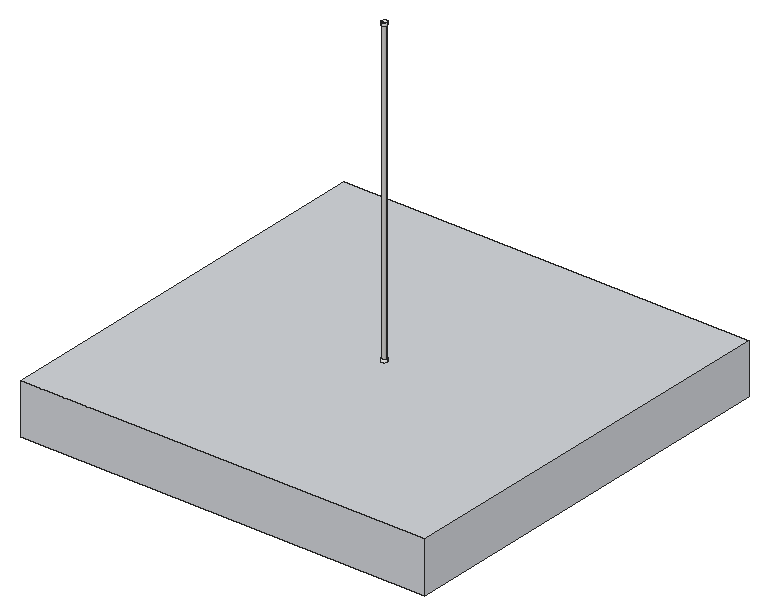
Revit family
Parameters (values of type "72W")
  Warranty Duration (Years) = 0
  Unit Width = 0' - 1 3/8"
  Unit Height = 0' - 1 3/8"
  Unit Depth = 6' - 0"
  URL = "http://www.bobrick.com/Pages/default.aspx"
  Test Data = ""
  Specification = ""
  SpecWizard = ""
  Send Message = "http://www.arcat.com/users.pl?action=UserEmail&company=Bobrick+Washroom+Equipment,+Inc.&coid=30988&rep=156&fax=818-503-1930&mf="
  Sales Information = "http://www.bobrick.com/Pages/ContactUs.aspx"
  Revision = "R1_10_2012"
  Product Properties = ""
  Product Data = "http://arcat.com/arcatcos/cos30/arc30988.html?isac=1&r=1"
  Flange Material = Plastic -  Bobrick - Chrome Plated
  Model = "B-207x72"
  Manufacturer Website = "http://www.bobrick.com/Pages/default.aspx"
  Manufacturer Phone - Toll Free = ""
  Manufacturer Phone = "818-764-1000"
  Manufacturer Fax = "818-503-1930"
  Manufacturer Address = "11611 Hart St. North Hollywood, CA 91605-5882"
  Manufacturer = "Bobrick Washroom Equipment, Inc."
  Maintenance Schedule (Months) = 0
  Keynote = "102813"
  Installation-Fabrication = "http://www.bobrick.com/washroomaccessories/Pages/WashroomAccessories.aspx"
  Installation Phase = ""
  Green Building-LEED = ""
  Finish Material = Stainless Steel - Bobrick - Satin
  Expected Lifespan (Years) = 0
  Drawn By = "Sumex Design, Inc. / Robert S. Weygant, CSI, CDT, SCIP"
  Description = "Bobrick B-207x72 Shower Curtain Rod"
  Default Elevation = 4' - 0"
  Copyright = "©Arcat Inc."
  Construction Details = ""
  Building Codes = ""
  Assembly Code = "E1090900"
Types (4): name | Unit Depth | Model | Description
  72W | 6' - 0" | "B-207x72" | "Bobrick B-207x72 Shower Curtain Rod"
  60W | 5' - 0" | "B-207x60" | "Bobrick B-207x60 Shower Curtain Rod"
  48W | 4' - 0" | "B-207x48" | "Bobrick B-207x48 Shower Curtain Rod"
  36W | 3' - 0" | "B-207x36" | "Bobrick B-207x36 Shower Curtain Rod"
Reference planes (in)
  plane 1 "Center (Front/Back)": y = 0
  plane 2: z = 0
  plane 3 "Center (Left/Right)": x = 0
  plane 4: y = 0.6875
  plane 5: y = -0.6875
  plane 6: x = -0.6875
  plane 7: x = 0.6875
  plane 8: z = 72
Forms (in)
  Extrusion 1, solid
    sketch origin (0, 0, 0) x (1, 0, 0) y (0, 1, 0)
      loop
        line (-48, 48) -> (-48, -48) -> (48, -48) -> (48, 48) -> (-48, 48)
    from 0 to -12
  Revolve 2, solid, material "Plastic -  Bobrick - Chrome Plated" <- "Flange Material"
    sketch origin (0, 0, 0) x (1, 0, 0) y (0, 0, 1)
      loop
        line (0, 0) -> (0, 0.5625) -> (-0.5702, 0.5625)
        arc (-0.5702, 0.5625) -> (-0.66221, 0.28823) -> (-0.68709, 0) r 1.22048
        line (-0.68709, 0) -> (0, 0)
      loop
        line (0, 72) -> (-0.68709, 72)
        arc (-0.68709, 72) -> (-0.66221, 71.71177) -> (-0.5702, 71.4375) r 1.22048
        line (-0.5702, 71.4375) -> (0, 71.4375) -> (0, 72)
      axis (0, 0) -> (0, 72)
    angle from 0 to 360
  Extrusion 3, solid, material "Stainless Steel - Bobrick - Satin" <- "Finish Material"
    sketch origin (0, 0, 0) x (1, 0, 0) y (0, 1, 0)
      loop
        circle (0, 0) r 0.5
    from 0.5625 to 71.4375
Dimensions and locks (in)
  "Unit Depth": plane 8 to level
  equal spacing: plane 4, plane 1 "Center (Front/Back)", plane 5
  "Unit Height": plane 4 to plane 5
  equal spacing: plane 6, plane 3 "Center (Left/Right)", plane 7
  "Unit Width": plane 6 to plane 7
  locked: plane 8 to Revolve 2 sketch curve at 0.5625
  aligned and locked: plane 2 to Extrusion 1
  aligned and locked: level to Extrusion 1
  aligned and locked: plane 8 to Revolve 2 sketch curve
  aligned and locked: Extrusion 3 to Revolve 2
Automatic sketch dimensions
  Extrusion 1 sketch curve to Extrusion 1 sketch curve = 8' - 0"  (x2)
  Extrusion 3 sketch curve to plane 1 "Center (Front/Back)" = 0' - 0"
  Extrusion 3 sketch curve to plane 3 "Center (Left/Right)" = 0' - 0"
  Revolve 2 sketch curve to level = 0' - 0"
  Revolve 2 sketch curve to plane 3 "Center (Left/Right)" = 0' - 0"  (x3)
  Revolve 2 sketch curve to Revolve 2 sketch curve = 0' - 0.5702"
  Revolve 2 sketch curve to Revolve 2 sketch curve = 0' - 0.1169"  (x2)
  level to Revolve 2 sketch curve = 0' - 0.0399"
  plane 3 "Center (Left/Right)" to Revolve 2 sketch curve = 0' - 0.53274"  (x2)
  Revolve 2 sketch curve to plane 8 = 0' - 4 1/2"
  plane 8 to Revolve 2 sketch curve = 0' - 3"
  Revolve 2 sketch curve to Revolve 2 sketch curve = 0' - 0.5226"
  radius of Extrusion 3 sketch curve = 0' - 0 1/2"
